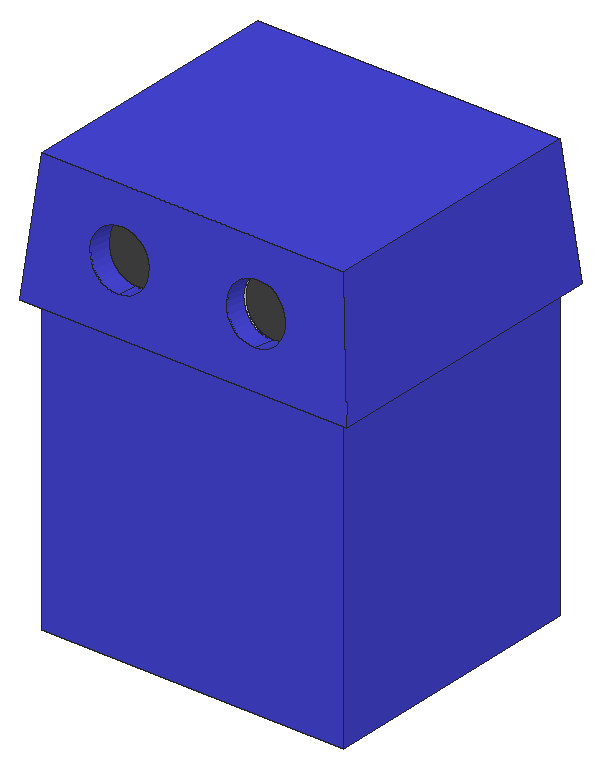
Revit family "M_Cesto de reciclagem-Quadrado", category Equipamento especial, Revit 2019
Family settings
  Cota do conector redondo = Utilizar diâmetro
  Tipo de parte = Normal
  Número OmniClass = 23.15.30.21.11
  Título OmniClass = Bins
  ID de item do Seek = Recycle Bin-Square-0000-CAN-ENU
  Com base no plano de trabalho = Não
  Sempre na vertical = Sim
  Corte com vazios quando carregada = Não
  Compartilhado = Não
  Ponto de cálculo do ambiente = Não
Reference planes
  plane 1 "Centro (Frente/Trás)": y = 0
  plane 2: z = 0
  plane 3 "Centro (Esquerda/Direita)": x = 0
  plane 4 "Face de preenchimento-vazio": through (0, -251.14, 707.756) normal (0, -0.995, 0.0995)
  plane 5: x = -349.25
  plane 6: x = 349.25
  plane 7: y = -307.811
  plane 8: y = 320.839
Forms (mm)
  Extrusion 1, solid, material "Plástico - Azul"
    sketch origin (0, 6.514, 0) x (1, 0, 0) y (0, 1, 0)
      loop
        line (-323.85, 288.925) -> (-323.85, -288.925) -> (323.85, -288.925) -> (323.85, 288.925) -> (-323.85, 288.925)
    from 0 to 635
  Blend 2, solid, material "Plástico - Azul"
    base sketch origin (0, 6.514, 635) x (-1, 0, 0) y (0, -1, 0)
      loop
        line (349.25, -314.325) -> (349.25, 314.325) -> (-349.25, 314.325) -> (-349.25, -314.325) -> (349.25, -314.325)
    top sketch origin (0, 6.514, 635) x (-1, 0, 0) y (0, -1, 0)
      loop
        line (323.85, -288.925) -> (323.85, 288.925) -> (-323.85, 288.925) -> (-323.85, -288.925) -> (323.85, -288.925)
    from 0 to 279.4
  Extrusion 3, void
    sketch origin (0, -369.212, 37.573) x (0, -0.099504, -0.995037) y (1, 0, 0)
      loop
        circle (-742.106, -146.05) r 63.5
      loop
        circle (-742.106, 146.05) r 63.5
    from -50.8 to 12.7
  Extrusion 4, solid
    sketch origin (0, -369.212, 37.573) x (0, -0.099504, -0.995037) y (1, 0, 0)
      loop
        circle (-742.106, -133.35) r 63.5
      loop
        circle (-742.106, 133.35) r 63.5
    from -50.8 to -47.625
Cuts and joins
  Extrusion 3 cuts Blend 2
  Extrusion 3 cuts Extrusion 4
Lines and regions (mm)
  symbolic lines, detail levels medium+fine
    curve 1: line (-40.173, -288.925, 439.634) -> (-15.366, -288.925, 482.6)
    curve 2: line (-15.366, -288.925, 482.6) -> (19.853, -288.925, 482.6)
    curve 3: line (19.853, -288.925, 482.6) -> (38.101, -288.925, 450.993)
    curve 4: line (38.101, -288.925, 450.993) -> (49.66, -288.925, 457.775)
    curve 5: line (49.66, -288.925, 457.775) -> (34.28, -288.925, 426.67)
    curve 6: line (34.28, -288.925, 426.67) -> (-0.384, -288.925, 428.824)
    curve 7: line (-0.384, -288.925, 428.824) -> (11.616, -288.925, 435.866)
    curve 8: line (11.616, -288.925, 435.866) -> (-15.088, -288.925, 481.378)
    curve 9: line (2.423, -288.925, 451.533) -> (-13.57, -288.925, 424.275)
    curve 10: line (-13.57, -288.925, 424.275) -> (-40.173, -288.925, 439.634)
    curve 11: line (28.308, -288.925, 411.257) -> (55.076, -288.925, 426.711)
    curve 12: line (55.076, -288.925, 426.711) -> (79.89, -288.925, 383.733)
    curve 13: line (79.89, -288.925, 383.733) -> (62.174, -288.925, 353.54)
    curve 14: line (62.174, -288.925, 353.54) -> (26.143, -288.925, 353.54)
    curve 15: line (26.143, -288.925, 353.54) -> (26.143, -288.925, 339.005)
    curve 16: line (26.143, -288.925, 339.005) -> (6.508, -288.925, 368.458)
    curve 17: line (6.508, -288.925, 368.458) -> (25.922, -288.925, 397.579)
    curve 18: line (25.922, -288.925, 397.579) -> (25.922, -288.925, 383.619)
    curve 19: line (25.922, -288.925, 383.619) -> (44.525, -288.925, 383.619)
    curve 20: line (28.308, -288.925, 411.257) -> (62.174, -288.925, 353.54)
    curve 21: line (-66.486, -288.925, 420.093) -> (-29.761, -288.925, 422.203)
    curve 22: line (-29.761, -288.925, 422.203) -> (-14.525, -288.925, 390.838)
    curve 23: line (-14.525, -288.925, 390.838) -> (-26.546, -288.925, 397.665)
    curve 24: line (-26.546, -288.925, 397.665) -> (-35.859, -288.925, 381.27)
    curve 25: line (-70.89, -288.925, 381.27) -> (-4.109, -288.925, 381.27)
    curve 26: line (-4.109, -288.925, 381.27) -> (-4.109, -288.925, 351.401)
    curve 27: line (-4.109, -288.925, 351.401) -> (-53.645, -288.925, 351.401)
    curve 28: line (-53.645, -288.925, 351.401) -> (-70.89, -288.925, 381.27)
    curve 29: line (-70.89, -288.925, 381.27) -> (-53.136, -288.925, 413.492)
    curve 30: line (-53.136, -288.925, 413.492) -> (-66.486, -288.925, 420.093)
  symbolic lines, not visible, detail levels medium+fine
    curve 31: line (-40.173, -288.925, 471.012) -> (-15.366, -288.925, 513.978)
    curve 32: line (-15.366, -288.925, 513.978) -> (19.853, -288.925, 513.978)
    curve 33: line (19.853, -288.925, 513.978) -> (38.101, -288.925, 482.371)
    curve 34: line (38.101, -288.925, 482.371) -> (49.66, -288.925, 489.153)
    curve 35: line (49.66, -288.925, 489.153) -> (34.28, -288.925, 458.048)
    curve 36: line (34.28, -288.925, 458.048) -> (-0.384, -288.925, 460.202)
    curve 37: line (-0.384, -288.925, 460.202) -> (11.616, -288.925, 467.243)
    curve 38: line (11.616, -288.925, 467.243) -> (-15.088, -288.925, 512.756)
    curve 39: line (2.423, -288.925, 482.911) -> (-13.57, -288.925, 455.653)
    curve 40: line (-13.57, -288.925, 455.653) -> (-40.173, -288.925, 471.012)
    curve 41: line (28.308, -288.925, 442.635) -> (55.076, -288.925, 458.089)
    curve 42: line (55.076, -288.925, 458.089) -> (79.89, -288.925, 415.111)
    curve 43: line (79.89, -288.925, 415.111) -> (62.174, -288.925, 384.918)
    curve 44: line (62.174, -288.925, 384.918) -> (26.143, -288.925, 384.918)
    curve 45: line (26.143, -288.925, 384.918) -> (26.143, -288.925, 370.383)
    curve 46: line (26.143, -288.925, 370.383) -> (6.508, -288.925, 399.836)
    curve 47: line (6.508, -288.925, 399.836) -> (25.922, -288.925, 428.957)
    curve 48: line (25.922, -288.925, 428.957) -> (25.922, -288.925, 414.997)
    curve 49: line (25.922, -288.925, 414.997) -> (44.525, -288.925, 414.997)
    curve 50: line (28.308, -288.925, 442.635) -> (62.174, -288.925, 384.918)
    curve 51: line (-66.486, -288.925, 451.471) -> (-29.761, -288.925, 453.581)
    curve 52: line (-29.761, -288.925, 453.581) -> (-14.525, -288.925, 422.216)
    curve 53: line (-14.525, -288.925, 422.216) -> (-26.546, -288.925, 429.043)
    curve 54: line (-26.546, -288.925, 429.043) -> (-35.859, -288.925, 412.648)
    curve 55: line (-70.89, -288.925, 412.648) -> (-4.109, -288.925, 412.648)
    curve 56: line (-4.109, -288.925, 412.648) -> (-4.109, -288.925, 382.779)
    curve 57: line (-4.109, -288.925, 382.779) -> (-53.645, -288.925, 382.779)
    curve 58: line (-53.645, -288.925, 382.779) -> (-70.89, -288.925, 412.648)
    curve 59: line (-70.89, -288.925, 412.648) -> (-53.136, -288.925, 444.87)
    curve 60: line (-53.136, -288.925, 444.87) -> (-66.486, -288.925, 451.471)
Dimensions and locks
  locked: Blend 2 sketch curve to Extrusion 1 at 25.4  (x2)
  locked: Extrusion 1 to Blend 2 sketch curve at 25.4  (x2)
  aligned and locked: Blend 2 sketch curve to Extrusion 1  (x3)
  aligned and locked: Extrusion 1 to Blend 2 sketch curve
  aligned and locked: plane 4 "Face de preenchimento-vazio" to cut or joined group of Blend 2, Extrusion 3
